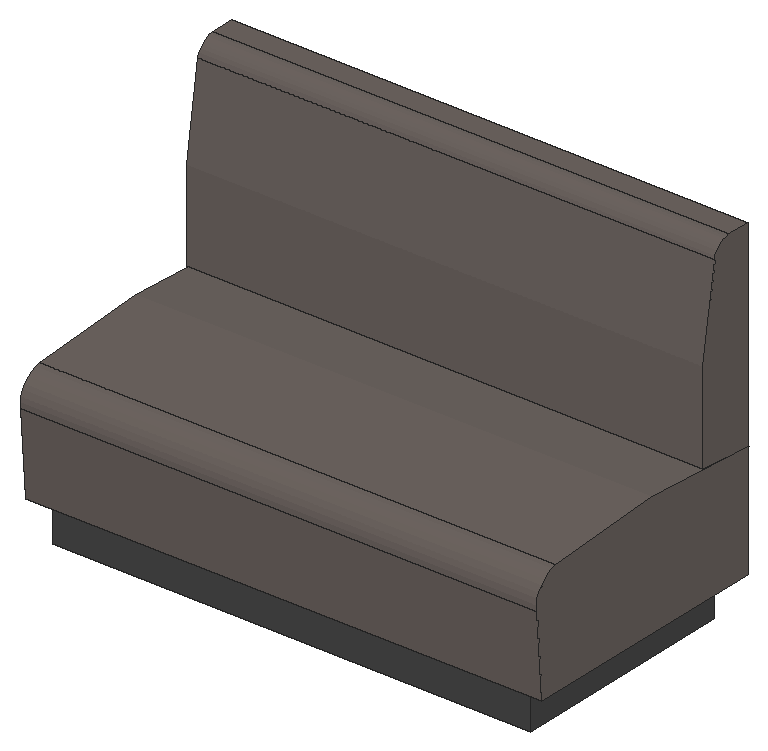
Revit family "Booth Seating", category Furniture, Revit 2021
Family settings
  OmniClass Number = 23.40.20.00
  OmniClass Title = General Furniture and Specialties
  Work Plane-Based = No
  Always vertical = Yes
  Cut with Voids When Loaded = No
  Shared = No
  Room Calculation Point = No
Parameters (values of type "54" Long")
  Seat Height = 1' - 4"
  Length = 4' - 6"
  Depth = 2' - 4"
  Default Elevation = 0' - 0"
  Back Height = 3' - 1"
Types (6): name | Length
  (no name) | 4' - 6"
  48" Long | 4' - 0"
  54" Long | 4' - 6"
  36" Long | 3' - 0"
  60" Long | 5' - 0"
  72" Long | 6' - 0"
Reference planes (in)
  plane 1 "Center Front/Back": y = 0
  plane 2: z = 0
  plane 3 "Center Left/Right": x = 0
  plane 4 "Left": x = -27
  plane 5 "Front": y = -14
  plane 6 "Right": x = 27
  plane 7 "Back": y = 14
  plane 8: z = 16
  plane 9: z = 37
  plane 10: z = 4
  plane 11: z = 14
  plane 12: z = 16.75
  plane 13: z = 15.5
  plane 14: y = 8
  plane 15: y = 10
Forms (in)
  Extrusion 1, solid, material "Plastic, Opaque Black"
    sketch origin (0, 0, 0) x (1, 0, 0) y (0, 1, 0)
      loop
        line (-25, 12) -> (-25, -12) -> (25, -12) -> (25, 12) -> (-25, 12)
    from 0 to 4
  Extrusion 2, solid, material "Leather, Dark Brown"
    sketch origin (0, 0, 0) x (0, 1, 0) y (0, 0, 1)
      loop
        line (-13, 4) -> (14, 4) -> (14, 16)
        arc (14, 16) -> (1.4331, 16.76521) -> (-11.12845, 15.91657) r 98.21912
        arc (-11.12845, 15.91657) -> (-13.07124, 14.82429) -> (-13.72445, 12.69337) r 3
        line (-13.72445, 12.69337) -> (-13, 4)
    from -27 to 27
  Extrusion 3, solid, material "Leather, Dark Brown"
    sketch origin (0, 0, 0) x (0, 1, 0) y (0, 0, 1)
      loop
        arc (11.50688, 37) -> (10.26004, 36.56378) -> (9.55711, 35.44539) r 2
        arc (9.55711, 35.44539) -> (8.10591, 26.06182) -> (8, 16.56729) r 66.79018
        line (8, 16.56729) -> (14, 16) -> (14, 37) -> (11.50688, 37)
    from -27 to 27
Dimensions and locks (in)
  equal spacing: plane 4 "Left", plane 3 "Center Left/Right", plane 6 "Right"
  equal spacing: plane 5 "Front", plane 1 "Center Front/Back", plane 7 "Back"
  "Depth": plane 7 "Back" to plane 5 "Front"
  "Length": plane 4 "Left" to plane 6 "Right"
  "Seat Height": plane 8 to plane 2
  "Back Height": plane 9 to level
  locked: plane 10 to level at 4
  locked: Extrusion 1 sketch curve to plane 5 "Front" at 2
  locked: Extrusion 1 sketch curve to plane 7 "Back" at 2
  locked: plane 4 "Left" to Extrusion 1 sketch curve at 2
  locked: Extrusion 1 sketch curve to plane 6 "Right" at 2
  locked: plane 8 to plane 11 at 2
  locked: plane 12 to plane 8 at 0.75
  locked: plane 8 to plane 13 at 0.5
  locked: Extrusion 2 sketch curve to plane 8 at 0.76576
  locked: plane 14 to plane 7 "Back" at 6
  locked: plane 15 to plane 7 "Back" at 4
  locked: Extrusion 3 sketch curve to plane 7 "Back" at 6.12014
  radius of Extrusion 2 sketch curve = 0' - 3"
  aligned and locked: level to plane 2
  aligned and locked: plane 10 to Extrusion 1
  aligned and locked: Extrusion 2 to plane 6 "Right"
  aligned and locked: Extrusion 2 to plane 4 "Left"
  aligned and locked: plane 7 "Back" to Extrusion 3 sketch curve
  aligned and locked: Extrusion 3 sketch curve to plane 9
  aligned and locked: Extrusion 3 to plane 6 "Right"
  aligned and locked: Extrusion 3 to plane 4 "Left"
Automatic sketch dimensions
  Extrusion 3 sketch curve to plane 14 = 0' - 0"
  Extrusion 3 sketch curve to plane 8 = 0' - 0"
  plane 7 "Back" to Extrusion 3 sketch curve = 0' - 2.49312"
  plane 8 to Extrusion 3 sketch curve = 0' - 4.57147"
  plane 8 to Extrusion 3 sketch curve = 0' - 0.56729"
  Extrusion 3 sketch curve to plane 9 = 0' - 2"
  Extrusion 2 sketch curve to plane 10 = 0' - 0"
  Extrusion 2 sketch curve to plane 7 "Back" = 0' - 0"
  Extrusion 2 sketch curve to plane 8 = 0' - 0"
  Extrusion 2 sketch curve to plane 1 "Center Front/Back" = 0' - 1.75919"
  Extrusion 2 sketch curve to plane 11 = 0' - 1.05749"
  plane 5 "Front" to Extrusion 2 sketch curve = 0' - 3.26519"
  plane 5 "Front" to Extrusion 2 sketch curve = 0' - 1"
  plane 5 "Front" to Extrusion 2 sketch curve = 0' - 0.27555"
